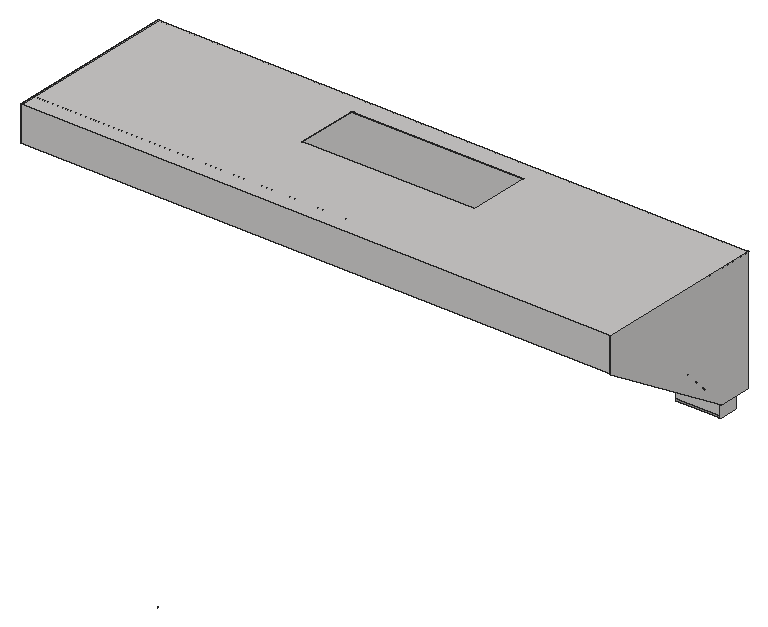
Revit family "QF_ELECTROLUXPROFESSIONAL_642273_MP724BT", category Specialty Equipment, Revit 2014
Reference planes
  plane 1: z = 0
  plane 2 "Center (Left/Right)": x = 150
  plane 3 "LEFT": x = -1050
  plane 4 "RIGHT": x = 1350
  plane 5 "BACK": y = 550
  plane 6 "Plane": z = 2000
  plane 7 "TOP": z = 2140
  plane 8 "Base": z = 1640
  plane 9: z = 1566
  plane 10 "DrainY": y = 485
  plane 11: x = -1047
  plane 12: through (0, 414.509, 1640.8) normal (0, 0.7314, 0.682)
  plane 13: y = 470
  plane 14: y = 220
  plane 15 "DrainX": x = 1230
  plane 16: x = 500
  plane 17: x = -200
  plane 18: x = 1347
  plane 19: x = 1140
  plane 20: x = 1320
  plane 21: x = -1010
  plane 22: x = -645
  plane 23: x = -450
  plane 24: x = 1310
  plane 25: x = 945
  plane 26: x = 750
  plane 27: x = -47.5
  plane 28: x = 347.5
  plane 29 "Center (Front/Back)": y = 200
  plane 30 "Front": y = -150
Forms (mm)
  Extrusion 1, solid, material "QF_Finishes_Stainless Steel"
    sketch origin (-1050, 0, 0) x (0, 1, 0) y (0, 0, 1)
      loop
        line (550, 1640) -> (550, 2140) -> (-150, 2140) -> (-150, 1999.112) -> (413.973, 1640) -> (550, 1640)
    from 0 to 3
  Extrusion 2, solid, material "QF_Finishes_Stainless Steel"
    sketch origin (150, 0, 0) x (0, 1, 0) y (0, 0, 1)
      loop
        line (415.255, 1640) -> (550, 1640) -> (550, 2139.19) -> (549.2, 2139.19) -> (549.2, 1640.8) -> (415.876, 1640.8) -> (339.347, 1722.867) -> (349.609, 1732.436) -> (348.927, 1733.167) -> (337.934, 1722.917) -> (415.255, 1640)
      loop
        line (-82.203, 2139.19) -> (-82.203, 2118.6) -> (-31.047, 2118.6) -> (34.354, 2048.466) -> (46.028, 2059.352) -> (45.346, 2060.083) -> (34.403, 2049.879) -> (-30.612, 2119.6) -> (-81.203, 2119.6) -> (-81.203, 2139.19) -> (-82.203, 2139.19)
    from -1197 to 1197
  Extrusion 3, solid, material "QF_Finishes_Stainless Steel"
    sketch origin (1350, 0, 0) x (0, 1, 0) y (0, 0, 1)
      loop
        line (550, 1640) -> (550, 2140) -> (-150, 2140) -> (-150, 1999.112) -> (413.973, 1640) -> (550, 1640)
    from 0 to -3
  Extrusion 4, solid, material "QF_Finishes_Stainless Steel"
    sketch origin (150, 0, 0) x (0, 1, 0) y (0, 0, 1)
      loop
        line (-150, 2140) -> (-150, 2000) -> (-149.2, 2000) -> (-149.2, 2139.19) -> (550, 2139.19) -> (550, 2140) -> (-150, 2140)
    from -1200 to 1200
  Extrusion 5, solid, material "QF_Finishes_Stainless Steel"
    sketch origin (150, 0, 0) x (0, 1, 0) y (0, 0, 1)
      loop
        line (534, 1640) -> (436, 1640) -> (436, 1627) -> (443.5, 1627) -> (443.5, 1576)
        arc (443.5, 1576) -> (446.429, 1568.929) -> (453.5, 1566) r 10
        line (453.5, 1566) -> (516.5, 1566)
        arc (516.5, 1566) -> (523.571, 1568.929) -> (526.5, 1576) r 10
        line (526.5, 1576) -> (526.5, 1627) -> (534, 1627) -> (534, 1640)
    from 990 to 1170
  Extrusion 6, solid, material "QF_Finishes_Stainless Steel"
    sketch origin (0, 0, 1640) x (0, 1, 0) y (-1, 0, 0)
      loop
        circle (485, -1230) r 20
    from -76 to -74
  Extrusion 7, solid, material "QF_Finished_Chrome"
    sketch origin (150, 0, 0) x (0, 1, 0) y (0, 0, 1)
      loop
        line (337.934, 1722.917) -> (341.591, 1726.327) -> (38.011, 2051.876) -> (34.354, 2048.466) -> (337.934, 1722.917)
    from -795 to -1160
  Extrusion 8, solid, material "QF_Finished_Chrome"
    sketch origin (150, 0, 0) x (0, 1, 0) y (0, 0, 1)
      loop
        line (337.934, 1722.917) -> (341.591, 1726.327) -> (38.011, 2051.876) -> (34.354, 2048.466) -> (337.934, 1722.917)
    from -197.5 to -600
  Extrusion 9, solid, material "QF_Finishes_Stainless Steel"
    sketch origin (150, 0, 0) x (0, 1, 0) y (0, 0, 1)
      loop
        line (337.934, 1722.917) -> (341.591, 1726.327) -> (38.011, 2051.876) -> (34.354, 2048.466) -> (337.934, 1722.917)
    from 1197 to 1160
  Extrusion 10, solid, material "QF_Finishes_Stainless Steel"
    sketch origin (150, 0, 0) x (0, 1, 0) y (0, 0, 1)
      loop
        line (341.588, 1726.324) -> (38.009, 2051.874) -> (34.354, 2048.466) -> (337.934, 1722.917) -> (341.588, 1726.324)
    from -795 to -600
  Extrusion 11, solid, material "QF_Finished_Chrome"
    sketch origin (150, 0, 0) x (0, 1, 0) y (0, 0, 1)
      loop
        line (341.588, 1726.324) -> (38.009, 2051.874) -> (34.354, 2048.466) -> (337.934, 1722.917) -> (341.588, 1726.324)
    from 795 to 1160
  Extrusion 12, void
    sketch origin (0, 0, 2140) x (0, 1, 0) y (-1, 0, 0)
      loop
        line (470, 200) -> (220, 200) -> (220, -500) -> (470, -500) -> (470, 200)
    from 0 to -10
  Extrusion 13, solid, material "QF_Finishes_Stainless Steel"
    sketch origin (0, 0, 0) x (1, 0, 0) y (0, 1, 0)
      loop
        line (-1050, 550) -> (-1050, 549) -> (-1049, 549) -> (-1049, 550) -> (-1050, 550)
    from 0 to 1
  Extrusion 14, solid, material "QF_Finishes_Stainless Steel"
    sketch origin (150, 0, 0) x (0, 1, 0) y (0, 0, 1)
      loop
        line (337.934, 1722.917) -> (341.591, 1726.327) -> (38.011, 2051.876) -> (34.354, 2048.466) -> (337.934, 1722.917)
    from -1160 to -1197
  Extrusion 15, solid, material "QF_Finishes_Stainless Steel"
    sketch origin (150, 0, 0) x (0, 1, 0) y (0, 0, -1)
      loop
        line (341.588, -1726.324) -> (337.934, -1722.917) -> (34.354, -2048.466) -> (38.009, -2051.874) -> (341.588, -1726.324)
    from -795 to -600
  Extrusion 16, solid, material "QF_Finished_Chrome"
    sketch origin (150, 0, 0) x (0, 1, 0) y (0, 0, 1)
      loop
        line (337.934, 1722.917) -> (341.591, 1726.327) -> (38.011, 2051.876) -> (34.354, 2048.466) -> (337.934, 1722.917)
    from 600 to 197.5
  Extrusion 17, solid, material "QF_Finishes_Stainless Steel"
    sketch origin (150, 0, 0) x (0, 1, 0) y (0, 0, -1)
      loop
        line (341.588, -1726.324) -> (337.934, -1722.917) -> (34.354, -2048.466) -> (38.009, -2051.874) -> (341.588, -1726.324)
    from -197.5 to 197.5
Cuts and joins
  Extrusion 12 cuts Extrusion 4
  joined: Extrusion 2, Extrusion 4
Lines and regions (mm)
  reference lines
    curve 1: line (150, 34.354, 2048.466) -> (150, 34.354, 1888.466)
  symbolic lines, style "SpecialityEquipment", detail levels coarse
    curve 2: line (1350, 550, 2140) -> (-1050, 550, 2140)
    curve 3: line (-1050, 550, 2140) -> (-1050, -150, 2140)
    curve 4: line (1350, -150, 2140) -> (1350, 550, 2140)
    curve 5: line (-1050, -150, 2140) -> (1350, -150, 2140)
    curve 6: line (-200, 220, 2140) -> (500, 220, 2140)
    curve 7: line (-200, 470, 2140) -> (-200, 220, 2140)
    curve 8: line (500, 470, 2140) -> (-200, 470, 2140)
    curve 9: line (500, 220, 2140) -> (500, 470, 2140)
  symbolic lines, detail levels coarse
    curve 10: line (-1050, -150, 0) -> (1350, 550, 0)
    curve 11: line (1350, -150, 0) -> (-1050, 550, 0)
Dimensions and locks
  plane 3 "LEFT" to plane 4 "RIGHT" = 2400 mm
  equal spacing: plane 3 "LEFT", plane 2 "Center (Left/Right)", plane 4 "RIGHT"
  locked: plane 6 "Plane" to level at 2000
  plane 7 "TOP" to plane 6 "Plane" = 140 mm
  locked: plane 7 "TOP" to plane 8 "Base" at 500
  plane 8 "Base" to plane 9 = 74 mm
  plane 5 "BACK" to plane 10 "DrainY" = 65 mm  (x2)
  plane 3 "LEFT" to plane 11 = 3 mm
  plane 5 "BACK" to plane 13 = 80 mm
  plane 13 to plane 14 = 250 mm  (x2)
  plane 15 "DrainX" to plane 4 "RIGHT" = 120 mm
  plane 18 to plane 4 "RIGHT" = 3 mm
  locked: plane 19 to plane 15 "DrainX" at 90
  locked: plane 15 "DrainX" to plane 20 at 90
  plane 13 to plane 5 "BACK" = 80 mm
  locked: plane 3 "LEFT" to plane 21 at 40
  locked: plane 21 to plane 22 at 365
  locked: plane 22 to plane 23 at 195
  locked: plane 24 to plane 25 at 365
  locked: plane 25 to plane 26 at 195
  locked: plane 24 to plane 4 "RIGHT" at 40
  locked: plane 27 to plane 28 at 395
  equal spacing: plane 27, plane 2 "Center (Left/Right)", plane 28
  locked: plane 17 to plane 16 at 700
  equal spacing: plane 17, plane 2 "Center (Left/Right)", plane 16
  plane 23 to plane 27 = 402.5 mm
  plane 28 to plane 26 = 402.5 mm
  locked: plane 5 "BACK" to plane 30 "Front" at 700
  equal spacing: plane 5 "BACK", plane 29 "Center (Front/Back)", plane 30 "Front"
  plane 5 "BACK" to plane 30 "Front" = 700 mm
  aligned and locked: level to plane 1
  aligned and locked: Extrusion 2 to Extrusion 1
  aligned and locked: Extrusion 2 to Extrusion 3
  aligned and locked: plane 4 "RIGHT" to Extrusion 4
  aligned and locked: Extrusion 4 to plane 3 "LEFT"
  aligned and locked: plane 18 to Extrusion 9
  aligned and locked: plane 17 to Extrusion 12
  aligned and locked: Extrusion 12 to plane 16
  aligned and locked: Extrusion 12 to plane 14
  aligned and locked: Extrusion 12 to plane 13
  aligned and locked: Extrusion 2 to Extrusion 4
  aligned and locked: plane 20 to Extrusion 5
  aligned and locked: Extrusion 5 to plane 19
  aligned and locked: Extrusion 9 to plane 24
  aligned and locked: Extrusion 11 to plane 24
  aligned and locked: Extrusion 11 to plane 25
  aligned and locked: Extrusion 8 to plane 23
  aligned and locked: plane 23 to Extrusion 10
  aligned and locked: Extrusion 10 to plane 22
  aligned and locked: plane 22 to Extrusion 7
  aligned and locked: Extrusion 7 to plane 21
  aligned and locked: Extrusion 14 to plane 11
  aligned and locked: plane 21 to Extrusion 14
  aligned and locked: Extrusion 15 to plane 26
  aligned and locked: Extrusion 15 to plane 25
  aligned and locked: Extrusion 3 to plane 18
  aligned and locked: plane 27 to Extrusion 8
  aligned and locked: Extrusion 16 to plane 26
  aligned and locked: Extrusion 16 to plane 28
  aligned and locked: plane 28 to Extrusion 17
  aligned and locked: Extrusion 17 to plane 27
Automatic sketch dimensions
  curve 5 to plane 3 "LEFT" = 0 mm
  curve 9 to plane 14 = 0 mm
  plane 13 to curve 8 = 0 mm
  curve 3 to plane 5 "BACK" = 0 mm
  curve 5 to plane 4 "RIGHT" = 0 mm
  curve 6 to plane 16 = 0 mm
  curve 6 to plane 17 = 0 mm
  Extrusion 2 sketch curve to plane 12 = 0 mm  (x3)
  Extrusion 2 sketch curve to plane 8 "Base" = 0 mm
  plane 12 to Extrusion 2 sketch curve = 0 mm
  Extrusion 2 sketch curve to plane 5 "BACK" = 0 mm
  Extrusion 2 sketch curve to Extrusion 2 sketch curve = 65.646 mm
  Extrusion 2 sketch curve to Extrusion 2 sketch curve = 0.682 mm  (x2)
  Extrusion 2 sketch curve to Extrusion 2 sketch curve = 10.261 mm
  plane 8 "Base" to Extrusion 2 sketch curve = 82.917 mm
  Extrusion 2 sketch curve to Extrusion 2 sketch curve = 10.942 mm
  Extrusion 2 sketch curve to Extrusion 2 sketch curve = 0.049 mm
  Extrusion 2 sketch curve to plane 7 "TOP" = 20.4 mm
  Extrusion 2 sketch curve to plane 7 "TOP" = 21.4 mm
  Extrusion 2 sketch curve to plane 7 "TOP" = 0.81 mm  (x2)
  Extrusion 2 sketch curve to Extrusion 2 sketch curve = 50.156 mm
  Extrusion 2 sketch curve to Extrusion 2 sketch curve = 1 mm
  plane 8 "Base" to Extrusion 2 sketch curve = 0.8 mm
  Extrusion 2 sketch curve to plane 5 "BACK" = 0.8 mm
  Extrusion 4 sketch curve to plane 6 "Plane" = 0 mm
  Extrusion 4 sketch curve to plane 5 "BACK" = 0 mm
  Extrusion 4 sketch curve to plane 7 "TOP" = 0 mm
  Extrusion 4 sketch curve to plane 7 "TOP" = 0.81 mm
  curve 1 to plane 12 = 0 mm
  curve 1 to plane 6 "Plane" = 111.534 mm
  Extrusion 5 sketch curve to plane 8 "Base" = 0 mm
  Extrusion 5 sketch curve to plane 9 = 0 mm
  Extrusion 5 sketch curve to plane 8 "Base" = 13 mm  (x2)
  plane 13 to Extrusion 5 sketch curve = 34 mm
  Extrusion 5 sketch curve to Extrusion 5 sketch curve = 7.5 mm  (x2)
  Extrusion 5 sketch curve to Extrusion 5 sketch curve = 10 mm
  plane 10 "DrainY" to Extrusion 5 sketch curve = 31.5 mm
  Extrusion 5 sketch curve to plane 5 "BACK" = 23.5 mm
  Extrusion 6 sketch curve to plane 10 "DrainY" = 0 mm
  Extrusion 6 sketch curve to plane 15 "DrainX" = 0 mm
  Extrusion 7 sketch curve to plane 12 = 0 mm  (x2)
  Extrusion 7 sketch curve to Extrusion 7 sketch curve = 3.657 mm
  plane 8 "Base" to Extrusion 7 sketch curve = 82.917 mm
  Extrusion 8 sketch curve to plane 12 = 0 mm  (x2)
  Extrusion 8 sketch curve to Extrusion 8 sketch curve = 3.657 mm
  plane 8 "Base" to Extrusion 8 sketch curve = 82.917 mm
  Extrusion 9 sketch curve to plane 12 = 0 mm  (x2)
  Extrusion 9 sketch curve to Extrusion 9 sketch curve = 3.657 mm
  plane 8 "Base" to Extrusion 9 sketch curve = 82.917 mm
  Extrusion 10 sketch curve to plane 12 = 0 mm  (x2)
  Extrusion 10 sketch curve to Extrusion 10 sketch curve = 3.655 mm
  plane 8 "Base" to Extrusion 10 sketch curve = 82.917 mm
  Extrusion 11 sketch curve to plane 12 = 0 mm  (x2)
  Extrusion 11 sketch curve to Extrusion 11 sketch curve = 3.655 mm
  plane 8 "Base" to Extrusion 11 sketch curve = 82.917 mm
  Extrusion 12 sketch curve to plane 14 = 0 mm
  plane 13 to Extrusion 12 sketch curve = 0 mm
  Extrusion 12 sketch curve to plane 16 = 0 mm
  Extrusion 12 sketch curve to plane 17 = 0 mm
  Extrusion 13 sketch curve to plane 3 "LEFT" = 0 mm
  Extrusion 13 sketch curve to plane 5 "BACK" = 0 mm
  plane 3 "LEFT" to Extrusion 13 sketch curve = 1 mm
  Extrusion 13 sketch curve to Extrusion 13 sketch curve = 1 mm
  Extrusion 14 sketch curve to plane 12 = 0 mm  (x2)
  Extrusion 14 sketch curve to Extrusion 14 sketch curve = 3.657 mm
  plane 8 "Base" to Extrusion 14 sketch curve = 82.917 mm
  Extrusion 15 sketch curve to plane 12 = 0 mm  (x2)
  Extrusion 15 sketch curve to Extrusion 15 sketch curve = 3.655 mm
  plane 8 "Base" to Extrusion 15 sketch curve = 82.917 mm
  Extrusion 16 sketch curve to plane 12 = 0 mm  (x2)
  Extrusion 16 sketch curve to Extrusion 16 sketch curve = 3.657 mm
  plane 8 "Base" to Extrusion 16 sketch curve = 82.917 mm
  Extrusion 17 sketch curve to plane 12 = 0 mm  (x2)
  Extrusion 17 sketch curve to Extrusion 17 sketch curve = 3.655 mm
  plane 8 "Base" to Extrusion 17 sketch curve = 82.917 mm
  Extrusion 4 sketch curve to Extrusion 4 sketch curve = 0.8 mm
  curve 5 to plane 14 = 370 mm
  plane 6 "Plane" to Extrusion 2 sketch curve = 48.466 mm
  Extrusion 4 sketch curve to plane 14 = 369.2 mm
  curve 1 to plane 14 = 185.646 mm
  plane 6 "Plane" to Extrusion 7 sketch curve = 51.876 mm
  plane 6 "Plane" to Extrusion 8 sketch curve = 51.876 mm
  plane 6 "Plane" to Extrusion 9 sketch curve = 51.876 mm
  plane 6 "Plane" to Extrusion 10 sketch curve = 51.874 mm
  plane 6 "Plane" to Extrusion 11 sketch curve = 51.874 mm
  plane 6 "Plane" to Extrusion 14 sketch curve = 51.876 mm
  plane 6 "Plane" to Extrusion 15 sketch curve = 51.874 mm
  plane 6 "Plane" to Extrusion 16 sketch curve = 51.876 mm
  plane 6 "Plane" to Extrusion 17 sketch curve = 51.874 mm
  Extrusion 1 sketch curve to plane 5 "BACK" = 0 mm
  Extrusion 1 sketch curve to plane 7 "TOP" = 0 mm
  plane 13 to Extrusion 1 sketch curve = 56.027 mm
  Extrusion 3 sketch curve to plane 30 "Front" = 0 mm
  Extrusion 3 sketch curve to plane 8 "Base" = 0 mm
  Extrusion 3 sketch curve to plane 5 "BACK" = 0 mm
  Extrusion 3 sketch curve to plane 7 "TOP" = 0 mm
  plane 13 to Extrusion 3 sketch curve = 56.027 mm
  Extrusion 3 sketch curve to plane 6 "Plane" = 0.888 mm
  Extrusion 1 sketch curve to plane 30 "Front" = 0 mm
  Extrusion 1 sketch curve to plane 8 "Base" = 0 mm
  Extrusion 1 sketch curve to plane 6 "Plane" = 0.888 mm
  curve 11 to plane 3 "LEFT" = 0 mm
  curve 10 to plane 3 "LEFT" = 0 mm
  curve 11 to plane 4 "RIGHT" = 0 mm
  curve 10 to plane 4 "RIGHT" = 0 mm
  curve 11 to plane 30 "Front" = 0 mm
  curve 10 to plane 30 "Front" = 0 mm
  curve 11 to plane 5 "BACK" = 0 mm
  curve 10 to plane 5 "BACK" = 0 mm
  radius of Extrusion 6 sketch curve = 20 mm
Connectors
  piping at (1230, 485, 1564), diameter 20
    settings: on Extrusion 6, index 1, connector inside diameter 609.6 mm, connector length 0 mm, flow factor 0, pipe flow 0.0 L/s, pressure drop 0.0 Pa, fitting loss kfactor 0, connector angle 0.00°, fixture units 0, engagement length 0 mm, angle of deflection 0.00°, flow configuration 1, flow direction 2, fitting loss method 0, system type 16, joint type 0, gender type 0, connector reference index -1, connector utility 0, adjustable connector no, is connector primary yes, connector description "Drain"
  hvac at (150, 345, 2140)
    settings: on Extrusion 12, index 2, duct flow 0.0 L/s, flow factor 0, pres drop 0.0 Pa, loss coef 0, conn angle 0.00°, conn width 250 mm, conn height 700 mm, conn diameter 609.6 mm, duct sys type 3, conn prof type 1, flow config 1, flow direction 0, loss method 0, conn ref index -1, conn util no, is conn primary yes, conn desc "EXHAUST OUTLET"
